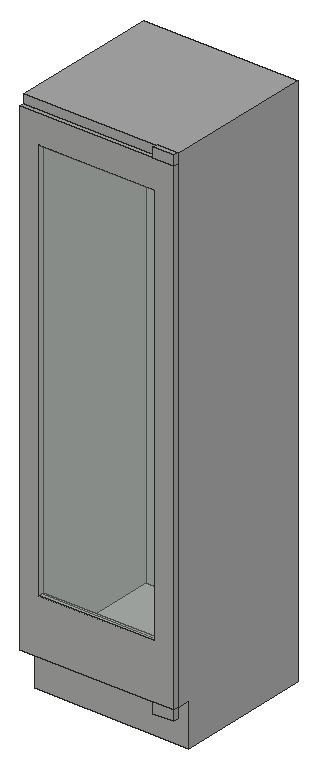
Revit family "RW466765", category Generic Models, Revit 2014
Parameters (values of type "RW466765")
  Width = 603 mm
  URL = "http://www.gaggenau.com."
  Model = "RW466765"
  Manufacturer = "Gaggenau"
  Height = 2125 mm
  Handle = Aluminium
  Glass Door = Glass, Green
  Fridge = Aluminium
  Door = Aluminium
  Description = "Gaggenau 24\" Wine storage unit"
  Depth = 608 mm
Reference planes
  plane 1 "Center (Front/Back)": y = 0
  plane 2: z = 0
  plane 3 "Center (Left/Right)": x = 0
  plane 4: z = 2125
  plane 5: x = -301.5
  plane 6: x = 301.5
  plane 7: y = 266.012
  plane 8: y = -341.988
  plane 9: z = 181
  plane 10: z = 102
  plane 11: z = 14.093
  plane 12: z = 2131
  plane 13: z = 2091
  plane 14: y = -268.988
  plane 15: y = -321.988
  plane 16: x = 241.294
  plane 17: z = 1982
  plane 18: z = 398
  plane 19: x = -226.5
  plane 20: x = 226.5
Forms (mm)
  Extrusion 1, solid, material "Aluminium" <- "Fridge"
    sketch origin (0, 0, 0) x (0, 1, 0) y (0, 0, 1)
      loop
        line (266.012, 2125) -> (-321.988, 2125) -> (-321.988, 181) -> (-268.988, 181) -> (-268.988, 14.093) -> (266.012, 14.093) -> (266.012, 2125)
    from -301.5 to 301.5
  Extrusion 2, solid, material "Aluminium" <- "Door"
    sketch origin (0, 0, 0) x (1, 0, 0) y (0, 0, 1)
      loop
        line (-301.5, 181) -> (301.5, 181) -> (301.5, 2091) -> (-301.5, 2091) -> (-301.5, 181)
      loop
        line (-226.5, 1982) -> (-226.5, 398) -> (226.5, 398) -> (226.5, 1982) -> (-226.5, 1982)
    from 321.988 to 341.988
  Extrusion 3, solid, material "Aluminium" <- "Door"
    sketch origin (0, 0, -0.35) x (1, 0, 0) y (0, 0, 1)
      loop
        line (301.5, 2131.35) -> (221.5, 2131.35) -> (221.5, 2091.35) -> (301.5, 2091.35) -> (301.5, 2131.35)
      loop
        line (301.5, 181.35) -> (221.5, 181.35) -> (221.5, 141.35) -> (301.5, 141.35) -> (301.5, 181.35)
    from 321.988 to 341.988
  Extrusion 4, solid, material "Aluminium" <- "Fridge"
    sketch origin (0, 0, 0) x (1, 0, 0) y (0, 1, 0)
      loop
        circle (-269.903, -159.898) r 11.868
      loop
        circle (-269.903, 159.898) r 11.868
      loop
        circle (269.903, -159.898) r 11.868
      loop
        circle (269.903, 159.898) r 11.868
    from 0 to 14.093
  Extrusion 5, void
    sketch origin (0, 0, 0) x (1, 0, 0) y (0, 0, 1)
      loop
        line (-261.5, 2091) -> (-261.5, 181) -> (261.5, 181) -> (261.5, 2091) -> (-261.5, 2091)
    from -223.899 to 321.988
  Extrusion 6, solid, material "Glass, Green" <- "Glass Door"
    sketch origin (0, -341.988, 0) x (1, 0, 0) y (0, 0, 1)
      loop
        line (226.5, 1982) -> (-226.5, 1982) -> (-226.5, 398) -> (226.5, 398) -> (226.5, 1982)
    from 0 to -9.796
Cuts and joins
  Extrusion 5 cuts Extrusion 1
Dimensions and locks
  "Width": plane 5 to plane 6
  plane 7 to plane 8 = 608 mm  (x2)
  plane 4 to plane 2 = 2125 mm
  plane 9 to plane 2 = 181 mm
  plane 10 to plane 2 = 102 mm
  plane 12 to plane 13 = 40 mm
  plane 14 to plane 8 = 73 mm
  plane 6 to plane 16 = 60.206 mm
  equal spacing: plane 5, plane 3 "Center (Left/Right)", plane 6
  plane 12 to plane 10 = 2029 mm
  plane 12 to plane 17 = 149 mm
  plane 18 to Extrusion 3 = 257 mm
  locked: plane 19 to plane 5 at 75
  locked: plane 20 to plane 6 at 75
  aligned and locked: level to plane 2
  aligned and locked: plane 5 to Extrusion 1
  aligned and locked: plane 6 to Extrusion 1
  aligned and locked: Extrusion 2 to plane 8
  aligned and locked: Extrusion 2 to Extrusion 1
  aligned and locked: Extrusion 3 to plane 8
  aligned and locked: Extrusion 3 to Extrusion 1
  aligned and locked: plane 13 to Extrusion 2 sketch curve
  aligned and locked: plane 6 to Extrusion 2 sketch curve
  aligned and locked: plane 5 to Extrusion 2 sketch curve
  aligned and locked: Extrusion 5 to Extrusion 1
  aligned and locked: Extrusion 6 sketch curve to plane 19
  aligned and locked: plane 20 to Extrusion 6 sketch curve
  aligned and locked: Extrusion 2 sketch curve to plane 19
  aligned and locked: plane 20 to Extrusion 2 sketch curve
Automatic sketch dimensions
  Extrusion 1 sketch curve to plane 4 = 0 mm
  Extrusion 1 sketch curve to plane 15 = 0 mm
  Extrusion 1 sketch curve to plane 9 = 0 mm
  Extrusion 1 sketch curve to plane 14 = 0 mm
  Extrusion 1 sketch curve to plane 7 = 0 mm
  Extrusion 1 sketch curve to plane 11 = 0 mm
  Extrusion 4 sketch curve to plane 5 = 31.597 mm  (x2)
  plane 16 to Extrusion 4 sketch curve = 28.608 mm  (x2)
  Extrusion 4 sketch curve to plane 14 = 109.089 mm  (x2)
  Extrusion 4 sketch curve to plane 7 = 106.114 mm  (x2)
  Extrusion 3 sketch curve to plane 16 = 19.794 mm  (x2)
  Extrusion 3 sketch curve to plane 12 = 0 mm
  Extrusion 3 sketch curve to plane 6 = 0 mm  (x2)
  Extrusion 3 sketch curve to plane 9 = 0 mm
  Extrusion 3 sketch curve to plane 13 = 0 mm
  Extrusion 3 sketch curve to plane 9 = 40 mm
  Extrusion 2 sketch curve to plane 17 = 0 mm
  Extrusion 2 sketch curve to plane 9 = 0 mm
  Extrusion 2 sketch curve to plane 18 = 0 mm
  Extrusion 5 sketch curve to plane 9 = 0 mm
  Extrusion 5 sketch curve to plane 13 = 0 mm
  Extrusion 5 sketch curve to plane 19 = 35 mm
  plane 16 to Extrusion 5 sketch curve = 20.206 mm
  Extrusion 6 sketch curve to Extrusion 2 = 0 mm  (x2)
  radius of Extrusion 4 sketch curve = 11.868 mm  (x4)
